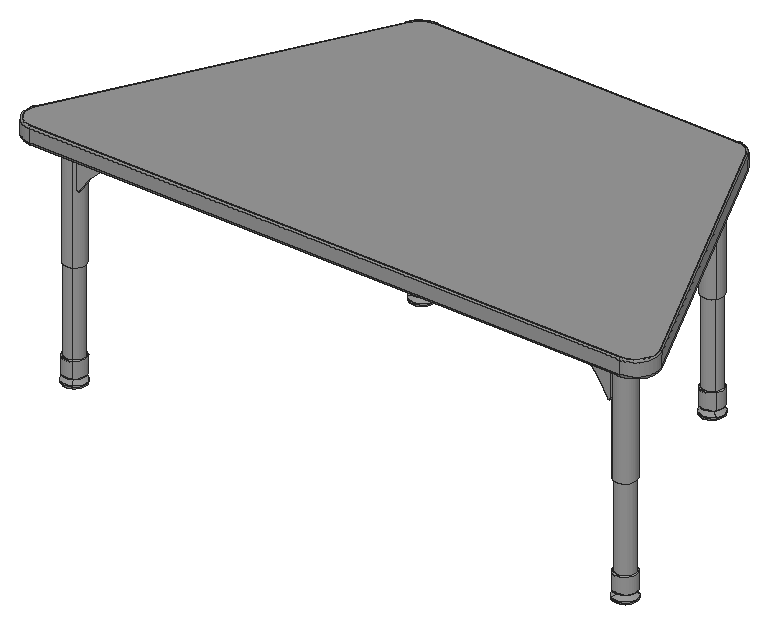
Revit family "Hierarchy Activity 48x24 Trapezoid Table - Youth Height", category Furniture, Revit 2018
Family settings
  Work Plane-Based = No
  Always vertical = Yes
  Cut with Voids When Loaded = No
  Shared = No
  Room Calculation Point = No
Parameters
  Table Height = 1' - 4"
  Surface = Hierarchy Activity 48x24 Trapezoid Table Youth Surface
  Leg Finish = Hierarchy Leg Platinum
  Edgeband = Hierarchy Activity 48x24 Trapezoid Table Youth Edgeband
  Caster/Glide = Hierarchy Youth Leg - Glide : Hierarchy Youth Leg - Glide
Reference planes (in)
  plane 1 "Center (Front/Back)": y = 0
  plane 2: z = 0
  plane 3 "Center (Left/Right)": x = 0
  plane 4: z = 16
Dimensions and locks (in)
  "Table Height": plane 4 to level
  aligned and locked: plane 2 to level
  aligned and locked: nested 1 to plane 4
Nested families (in)
  nested 1: "Activity 48x24 Trapezoid Tabletop" at (0, 0, -7.925), type "Activity 48x24 Trapezoid Tabletop"
  nested 2: "Hierarchy Youth Leg - Glide" at (-10.61204, 9.56432, 0) x (0.8507, 0.5257, 0) z (0, 0, 1), Leg Height <- "Table Height", type <- "Caster/Glide", Leg Finish <- "Leg Finish", type "Hierarchy Youth Leg - Glide"
    with Leg Height 1' - 4", Leg Finish Hierarchy Leg Platinum
  nested 3: "Hierarchy Youth Leg - Glide" at (10.61204, 9.56432, 0) x (-0.8507, 0.5257, 0) z (0, 0, 1), Leg Height <- "Table Height", type <- "Caster/Glide", Leg Finish <- "Leg Finish", type "Hierarchy Youth Leg - Glide"
    with Leg Height 1' - 4", Leg Finish Hierarchy Leg Platinum
  nested 4: "Hierarchy Youth Leg - Glide" at (-20.15571, -10.33203, 0) x (-0.5257, 0.8507, 0) z (0, 0, 1), Leg Finish <- "Leg Finish", Leg Height <- "Table Height", type "Hierarchy Youth Leg - Glide"
    with Leg Height 1' - 4", Leg Finish Hierarchy Leg Platinum
  nested 5: "Hierarchy Youth Leg - Glide" at (20.15571, -10.33203, 0) x (0.5257, 0.8507, 0) z (0, 0, 1), Leg Finish <- "Leg Finish", Leg Height <- "Table Height", type "Hierarchy Youth Leg - Glide"
    with Leg Height 1' - 4", Leg Finish Hierarchy Leg Platinum
Definition of nested family "Activity 48x24 Trapezoid Tabletop"
  Parameters (values of type "Activity 48x24 Trapezoid Tabletop")
    Surface = none
    Edgeband = none
  Reference planes (in)
    plane 1 "Center (Front/Back)": y = 0
    plane 2: z = 0
    plane 3 "Center (Left/Right)": x = 0
  Forms (in)
    Extrusion 1, solid, material <- "Surface"
      sketch origin (0, 0, 0) x (1, 0, 0) y (0, 1, 0)
        loop
          arc (-22.80895, -10.5) -> (-22.74845, -11.8445) -> (-21.57295, -12.49989) r 1.38189
          line (-21.57295, -12.49989) -> (21.57295, -12.49989)
          arc (21.57295, -12.49989) -> (22.74846, -11.8445) -> (22.80895, -10.5) r 1.38189
          line (22.80895, -10.5) -> (12.30895, 10.5)
          arc (12.30895, 10.5) -> (11.79945, 11.05751) -> (11.07295, 11.26389) r 1.38189
          line (11.07295, 11.26389) -> (-11.07295, 11.26389)
          arc (-11.07295, 11.26389) -> (-11.79945, 11.05751) -> (-12.30895, 10.5) r 1.38189
          line (-12.30895, 10.5) -> (-22.80895, -10.5)
      from 23.925 to 25.125
    Sweep 2, solid, material <- "Edgeband"
      path origin (0, 0, 0) x (1, 0, 0) y (0, 1, 0)
        loop
          line (-21.57295, -12.49989) -> (21.57295, -12.49989)
          arc (21.57295, -12.49989) -> (22.74846, -11.8445) -> (22.80895, -10.5) r 1.38189
          line (22.80895, -10.5) -> (12.30895, 10.5)
          arc (12.30895, 10.5) -> (11.79945, 11.05751) -> (11.07295, 11.26389) r 1.38189
          line (11.07295, 11.26389) -> (-11.07295, 11.26389)
          arc (-11.07295, 11.26389) -> (-11.79945, 11.05751) -> (-12.30895, 10.5) r 1.38189
          line (-12.30895, 10.5) -> (-22.80895, -10.5)
          arc (-22.80895, -10.5) -> (-22.74845, -11.8445) -> (-21.57295, -12.49989) r 1.38189
      profile origin (0, -12.49989, 0) x (0, 1, 0) y (0, 0, 1)
        loop
          arc (0, 25.125) -> (-0.08352, 25.09041) -> (-0.11811, 25.00689) r 0.11811
          line (-0.11811, 25.00689) -> (-0.11811, 24.04311)
          arc (-0.11811, 24.04311) -> (-0.08352, 23.95959) -> (0, 23.925) r 0.11811
          line (0, 23.925) -> (0, 25.125)
  Dimensions and locks (in)
    aligned and locked: plane 2 to level
Definition of nested family "Hierarchy Youth Leg - Glide"
  Parameters (values of type "Hierarchy Youth Leg - Glide")
    Leg Finish [instance] = none
    Leg Height [instance] = 1' - 4.80117"
  Reference planes (in)
    plane 1 "Center (Front/Back)": y = 0
    plane 2: z = 0
    plane 3 "Center (Left/Right)": x = 0
  Forms (in)
    Extrusion 1, solid
      sketch origin (-0.01562, 0, 0) x (1, 0, 0) y (0, 1, 0)
        loop
          circle (0.01563, 0) r 0.67016
      from 0.67618 to 10.55018
    Revolve 2, solid
      sketch origin (0, 0, 0) x (1, 0, 0) y (0, 0, 1)
        loop
          line (-0.73189, 1.80118) -> (-0.79439, 1.73867) -> (-0.79439, 0.61381) -> (-0.73176, 0.55118) -> (-0.125, 0.55118) -> (-0.125, 0.42618) -> (-0.84656, 0.16241) -> (-0.84656, 0.08994) -> (-0.81359, 0) -> (0, 0) -> (0, 1.80118) -> (-0.73189, 1.80118)
        axis (0, 1.80118) -> (0, 0)
      angle from 0 to 360
  Dimensions and locks (in)
    "Leg Height": nested 1 to level  (x2)
    aligned and locked: plane 2 to level
  Automatic sketch dimensions
    plane 1 "Center (Front/Back)" to Extrusion 1 sketch curve = 0' - 0"
    Extrusion 1 sketch curve to plane 3 "Center (Left/Right)" = 0' - 0"
    Revolve 2 sketch curve to level = 0' - 0"
    Revolve 2 sketch curve to plane 3 "Center (Left/Right)" = 0' - 0"  (x2)
    Revolve 2 sketch curve to plane 3 "Center (Left/Right)" = 0' - 0 1/8"
    Revolve 2 sketch curve to Revolve 2 sketch curve = 0' - 0.60676"
    Revolve 2 sketch curve to Revolve 2 sketch curve = 0' - 0.73189"
    Revolve 2 sketch curve to Revolve 2 sketch curve = 0' - 0.06263"  (x2)
    Revolve 2 sketch curve to Revolve 2 sketch curve = 0' - 0.08183"
    Revolve 2 sketch curve to Revolve 2 sketch curve = 0' - 0.03297"
    level to Revolve 2 sketch curve = 0' - 0.08994"
    Revolve 2 sketch curve to Revolve 2 sketch curve = 0' - 0.07247"
    level to Revolve 2 sketch curve = 0' - 0.42618"
    Revolve 2 sketch curve to Revolve 2 sketch curve = 0' - 0 1/8"
    Revolve 2 sketch curve to Revolve 2 sketch curve = 0' - 1.12486"
    Revolve 2 sketch curve to Revolve 2 sketch curve = 0' - 0 1/16"
    Revolve 2 sketch curve to level = 2' - 0"
    Revolve 2 sketch curve to Revolve 2 sketch curve = 8' - 4.91764"
    radius of Extrusion 1 sketch curve = 0' - 0.67016"
  Nested families (in)
    nested 1: "Hierarchy Youth Upper Leg 2023" at (0, 0, 0), Leg Finish <- "Leg Finish", type "Hierarchy Youth Upper Leg 2023"
      with Leg Finish none
  Definition of nested family "Hierarchy Youth Upper Leg 2023"
    Parameters (values of type "Hierarchy Youth Upper Leg 2023")
      Leg Finish [instance] = none
    Reference planes (in)
      plane 1 "Center (Front/Back)": y = 0
      plane 2: z = 0
      plane 3 "Center (Left/Right)": x = 0
    Forms (in)
      Extrusion 1, solid, material <- "Leg Finish"
        sketch origin (0, 0, -11.001) x (1, 0, 0) y (0, 1, 0)
          loop
            circle (0, 0) r 0.75
        from 19.67618 to 27.67618
      Extrusion 2, solid, material <- "Leg Finish"
        sketch origin (0, 0, -11.001) x (1, 0, 0) y (0, 1, 0)
          loop
            line (-1.70174, 0.19183) -> (-2.88626, -2.26116)
            arc (-2.88626, -2.26116) -> (-2.83993, -3.09822) -> (-2.1063, -3.50394) r 0.86614
            line (-2.1063, -3.50394) -> (2.1063, -3.50394)
            arc (2.1063, -3.50394) -> (2.83993, -3.09822) -> (2.88626, -2.26116) r 0.86614
            line (2.88626, -2.26116) -> (1.70174, 0.19183)
            arc (1.70174, 0.19183) -> (0, 1.25984) -> (-1.70174, 0.19183) r 1.88976
        from 27.67618 to 27.80217
      Extrusion 3, solid, material <- "Leg Finish"
        sketch origin (-1.48519, 8.66524, -11.001) x (-0.434844, 0.900506, 0) y (0, 0, 1)
          loop
            line (-9.01425, 27.67618) -> (-11.80952, 27.67618)
            arc (-11.80952, 27.67618) -> (-11.92325, 27.58993) -> (-11.87088, 27.45715) r 0.11811
            arc (-11.87088, 27.45715) -> (-10.39364, 26.29679) -> (-9.23328, 24.81955) r 7.87402
            arc (-9.23328, 24.81955) -> (-9.1005, 24.76717) -> (-9.01425, 24.88091) r 0.11811
            line (-9.01425, 24.88091) -> (-9.01425, 27.67618)
        from -1.94075 to -1.81476
      Extrusion 4, solid, material <- "Leg Finish"
        sketch origin (1.48519, 8.66524, -11.001) x (0.434844, 0.900506, 0) y (0, 0, -1)
          loop
            line (-9.01425, -27.67618) -> (-9.01425, -24.88091)
            arc (-9.01425, -24.88091) -> (-9.1005, -24.76717) -> (-9.23328, -24.81955) r 0.11811
            arc (-9.23328, -24.81955) -> (-10.39364, -26.29679) -> (-11.87088, -27.45715) r 7.87402
            arc (-11.87088, -27.45715) -> (-11.92325, -27.58993) -> (-11.80952, -27.67618) r 0.11811
            line (-11.80952, -27.67618) -> (-9.01425, -27.67618)
        from -1.94075 to -1.81476
    Dimensions and locks (in)
      aligned and locked: plane 2 to level
